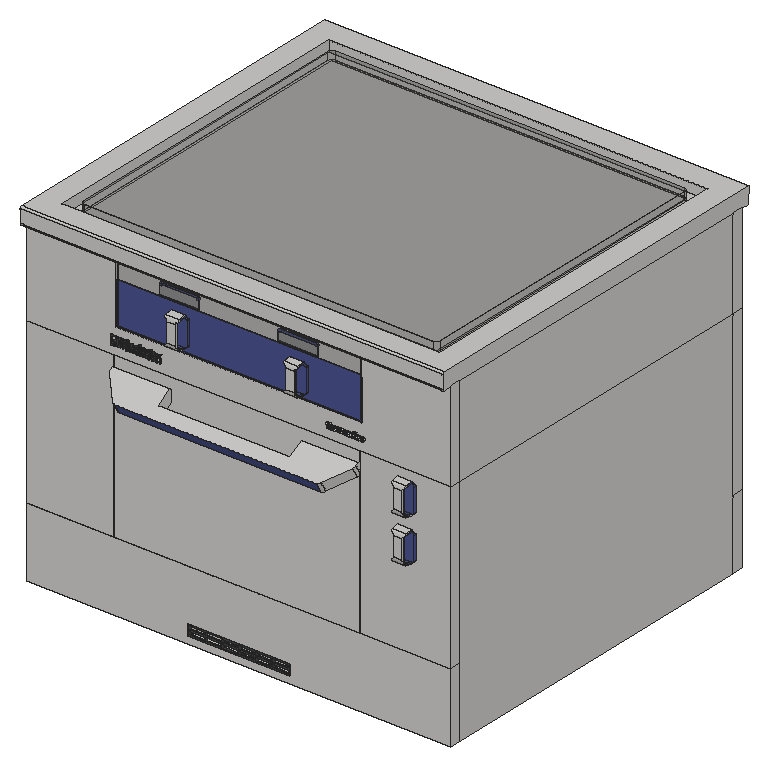
Revit family "QF_ELECTROLUXPROFESSIONAL_589670_MCINFCJ8AO", category Attrezzature speciali, Revit 2020 (continued)
Definition of nested family "Front_Panel_W1000_2 Knobs"
  Definition of nested family "ELX_Professional_Logo_Small"
    Forms (mm)
      Extrusion 2, solid, material <- "Material_Logo"
        sketch origin (15.5, 0, 0) x (1, 0, 0) y (0, 1, 0)
          loop
            spline (-27.019, -3.829) -> (-26.627, -3.82) -> (-26.239, -3.79) -> (-25.856, -3.739) -> (-25.477, -3.663) -> (-25.103, -3.562) -> (-24.734, -3.432) -> (-24.369, -3.273) -> (-24.01, -3.082) -> (-23.655, -2.858) -> (-23.305, -2.597) -> (-22.96, -2.299) -> (-22.621, -1.962)
            line (-22.621, -1.962) -> (-24.114, -0.509)
            spline (-24.114, -0.509) -> (-24.311, -0.699) -> (-24.509, -0.872) -> (-24.71, -1.03) -> (-24.915, -1.172) -> (-25.126, -1.297) -> (-25.346, -1.407) -> (-25.576, -1.5) -> (-25.817, -1.576) -> (-26.072, -1.636) -> (-26.342, -1.678) -> (-26.629, -1.704) -> (-26.936, -1.713)
            spline (-26.936, -1.713) -> (-27.384, -1.691) -> (-27.805, -1.625) -> (-28.196, -1.518) -> (-28.556, -1.372) -> (-28.882, -1.187) -> (-29.174, -0.966) -> (-29.429, -0.71) -> (-29.645, -0.422) -> (-29.821, -0.102) -> (-29.955, 0.247) -> (-30.045, 0.623) -> (-30.089, 1.026)
            line (-30.089, 1.026) -> (-21.956, 1.026) -> (-21.915, 1.897)
          loop
            spline (-24.446, 2.769) -> (-24.47, 3.075) -> (-24.54, 3.37) -> (-24.654, 3.65) -> (-24.807, 3.913) -> (-24.996, 4.156) -> (-25.219, 4.376) -> (-25.472, 4.57) -> (-25.753, 4.736) -> (-26.057, 4.869) -> (-26.382, 4.968) -> (-26.724, 5.03) -> (-27.081, 5.051)
            spline (-27.081, 5.051) -> (-27.464, 5.03) -> (-27.832, 4.97) -> (-28.183, 4.872) -> (-28.513, 4.74) -> (-28.819, 4.577) -> (-29.099, 4.384) -> (-29.347, 4.165) -> (-29.563, 3.923) -> (-29.742, 3.659) -> (-29.881, 3.377) -> (-29.977, 3.079) -> (-30.027, 2.769)
            line (-30.027, 2.769) -> (-24.446, 2.769)
          loop
            spline (-18.167, 1.669) -> (-18.138, 2.13) -> (-18.055, 2.567) -> (-17.921, 2.978) -> (-17.739, 3.358) -> (-17.512, 3.705) -> (-17.243, 4.016) -> (-16.937, 4.287) -> (-16.596, 4.517) -> (-16.223, 4.7) -> (-15.823, 4.835) -> (-15.398, 4.919) -> (-14.951, 4.947)
            spline (-14.951, 4.947) -> (-14.677, 4.938) -> (-14.414, 4.913) -> (-14.162, 4.871) -> (-13.921, 4.812) -> (-13.69, 4.738) -> (-13.467, 4.649) -> (-13.254, 4.544) -> (-13.048, 4.424) -> (-12.85, 4.291) -> (-12.659, 4.143) -> (-12.474, 3.981) -> (-12.295, 3.806)
            line (-12.295, 3.806) -> (-10.76, 5.403)
            spline (-10.76, 5.403) -> (-11.065, 5.709) -> (-11.38, 5.984) -> (-11.703, 6.228) -> (-12.035, 6.443) -> (-12.375, 6.63) -> (-12.723, 6.788) -> (-13.078, 6.92) -> (-13.44, 7.026) -> (-13.809, 7.107) -> (-14.184, 7.164) -> (-14.564, 7.198) -> (-14.951, 7.209)
            spline (-14.951, 7.209) -> (-15.725, 7.161) -> (-16.467, 7.02) -> (-17.169, 6.792) -> (-17.826, 6.482) -> (-18.43, 6.096) -> (-18.976, 5.637) -> (-19.455, 5.112) -> (-19.862, 4.525) -> (-20.19, 3.882) -> (-20.433, 3.189) -> (-20.584, 2.449) -> (-20.635, 1.669)
            spline (-20.635, 1.669) -> (-20.584, 0.889) -> (-20.433, 0.149) -> (-20.19, -0.545) -> (-19.862, -1.187) -> (-19.455, -1.774) -> (-18.976, -2.299) -> (-18.43, -2.758) -> (-17.826, -3.145) -> (-17.169, -3.454) -> (-16.467, -3.682) -> (-15.725, -3.823) -> (-14.951, -3.871)
            spline (-14.951, -3.871) -> (-14.564, -3.86) -> (-14.184, -3.826) -> (-13.809, -3.77) -> (-13.44, -3.689) -> (-13.078, -3.583) -> (-12.723, -3.451) -> (-12.375, -3.292) -> (-12.035, -3.105) -> (-11.703, -2.89) -> (-11.38, -2.646) -> (-11.065, -2.371) -> (-10.76, -2.066)
            line (-10.76, -2.066) -> (-12.295, -0.468)
            spline (-12.295, -0.468) -> (-12.474, -0.643) -> (-12.659, -0.805) -> (-12.85, -0.953) -> (-13.048, -1.087) -> (-13.254, -1.206) -> (-13.467, -1.311) -> (-13.69, -1.4) -> (-13.921, -1.475) -> (-14.162, -1.533) -> (-14.414, -1.575) -> (-14.677, -1.6) -> (-14.951, -1.609)
            spline (-14.951, -1.609) -> (-15.398, -1.581) -> (-15.823, -1.497) -> (-16.223, -1.362) -> (-16.596, -1.179) -> (-16.937, -0.95) -> (-17.243, -0.678) -> (-17.512, -0.367) -> (-17.739, -0.02) -> (-17.921, 0.36) -> (-18.055, 0.771) -> (-18.138, 1.208) -> (-18.167, 1.669)
          loop
            spline (-4.441, -1.243) -> (-4.659, -1.247) -> (-4.894, -1.23) -> (-5.137, -1.19) -> (-5.384, -1.121) -> (-5.628, -1.021) -> (-5.864, -0.884) -> (-6.084, -0.708) -> (-6.283, -0.488) -> (-6.454, -0.219) -> (-6.592, 0.101) -> (-6.69, 0.478) -> (-6.742, 0.914)
            line (-6.742, 0.914) -> (-6.742, 4.587) -> (-4.487, 4.587) -> (-4.487, 6.838) -> (-6.738, 6.838) -> (-6.738, 10.824) -> (-9.217, 10.824) -> (-9.217, 0.773)
            spline (-9.217, 0.773) -> (-9.164, 0.19) -> (-9.068, -0.358) -> (-8.928, -0.87) -> (-8.742, -1.343) -> (-8.511, -1.777) -> (-8.232, -2.168) -> (-7.904, -2.515) -> (-7.527, -2.816) -> (-7.098, -3.069) -> (-6.618, -3.273) -> (-6.084, -3.426) -> (-5.496, -3.525)
            line (-5.496, -3.525) -> (-4.45, -3.573) -> (-4.441, -1.243)
          loop
            spline (3.898, 6.983) -> (3.469, 7.009) -> (3.056, 7.001) -> (2.661, 6.961) -> (2.283, 6.888) -> (1.925, 6.785) -> (1.588, 6.652) -> (1.272, 6.49) -> (0.979, 6.301) -> (0.71, 6.085) -> (0.465, 5.844) -> (0.247, 5.578) -> (0.056, 5.289)
            line (0.056, 5.289) -> (0.056, 6.838) -> (-2.402, 6.838) -> (-2.402, -3.572) -> (0.056, -3.572) -> (0.056, 1.901)
            spline (0.056, 1.901) -> (0.079, 2.316) -> (0.145, 2.703) -> (0.254, 3.06) -> (0.404, 3.386) -> (0.592, 3.679) -> (0.818, 3.938) -> (1.08, 4.162) -> (1.375, 4.348) -> (1.703, 4.495) -> (2.062, 4.602) -> (2.45, 4.668) -> (2.865, 4.69)
            line (2.865, 4.69) -> (3.898, 4.586) -> (3.898, 6.983)
          loop
            spline (15.638, 1.633) -> (15.586, 2.396) -> (15.435, 3.124) -> (15.192, 3.81) -> (14.863, 4.449) -> (14.455, 5.034) -> (13.975, 5.56) -> (13.43, 6.021) -> (12.826, 6.411) -> (12.17, 6.724) -> (11.469, 6.955) -> (10.729, 7.098) -> (9.958, 7.147)
            spline (9.958, 7.147) -> (9.182, 7.098) -> (8.44, 6.955) -> (7.737, 6.724) -> (7.081, 6.411) -> (6.477, 6.021) -> (5.933, 5.56) -> (5.454, 5.034) -> (5.048, 4.449) -> (4.721, 3.81) -> (4.479, 3.124) -> (4.329, 2.396) -> (4.277, 1.633)
            spline (4.277, 1.633) -> (4.329, 0.869) -> (4.479, 0.141) -> (4.721, -0.544) -> (5.048, -1.183) -> (5.454, -1.768) -> (5.933, -2.294) -> (6.477, -2.755) -> (7.081, -3.145) -> (7.737, -3.459) -> (8.44, -3.69) -> (9.182, -3.833) -> (9.958, -3.882)
            spline (9.958, -3.882) -> (10.729, -3.833) -> (11.469, -3.69) -> (12.17, -3.459) -> (12.826, -3.145) -> (13.43, -2.755) -> (13.975, -2.294) -> (14.455, -1.768) -> (14.863, -1.183) -> (15.192, -0.544) -> (15.435, 0.141) -> (15.586, 0.869) -> (15.638, 1.633)
          loop
            spline (13.18, 1.633) -> (13.151, 2.083) -> (13.067, 2.513) -> (12.932, 2.918) -> (12.748, 3.296) -> (12.52, 3.642) -> (12.251, 3.954) -> (11.943, 4.227) -> (11.601, 4.459) -> (11.228, 4.645) -> (10.828, 4.782) -> (10.403, 4.867) -> (9.958, 4.896)
            spline (9.958, 4.896) -> (9.509, 4.867) -> (9.081, 4.782) -> (8.679, 4.645) -> (8.306, 4.459) -> (7.964, 4.227) -> (7.658, 3.954) -> (7.39, 3.642) -> (7.163, 3.296) -> (6.981, 2.918) -> (6.847, 2.513) -> (6.765, 2.083) -> (6.736, 1.633)
            spline (6.736, 1.633) -> (6.765, 1.182) -> (6.847, 0.753) -> (6.981, 0.347) -> (7.163, -0.031) -> (7.39, -0.377) -> (7.658, -0.689) -> (7.964, -0.962) -> (8.306, -1.193) -> (8.679, -1.38) -> (9.081, -1.517) -> (9.509, -1.602) -> (9.958, -1.631)
            spline (9.958, -1.631) -> (10.403, -1.602) -> (10.828, -1.517) -> (11.228, -1.38) -> (11.601, -1.193) -> (11.943, -0.962) -> (12.251, -0.689) -> (12.52, -0.377) -> (12.748, -0.031) -> (12.932, 0.347) -> (13.067, 0.753) -> (13.151, 1.182) -> (13.18, 1.633)
          loop
            line (17.162, 4.269) -> (17.162, -3.573) -> (19.642, -3.573) -> (19.642, 10.824) -> (17.162, 10.824) -> (17.162, 4.269)
          loop
            line (28.581, 6.838) -> (28.581, 0.786)
            spline (28.581, 0.786) -> (28.561, 0.393) -> (28.503, 0.038) -> (28.409, -0.279) -> (28.281, -0.559) -> (28.122, -0.802) -> (27.933, -1.011) -> (27.717, -1.185) -> (27.476, -1.325) -> (27.213, -1.433) -> (26.929, -1.509) -> (26.626, -1.554) -> (26.308, -1.569)
            spline (26.308, -1.569) -> (25.99, -1.554) -> (25.688, -1.509) -> (25.404, -1.434) -> (25.141, -1.326) -> (24.9, -1.187) -> (24.684, -1.014) -> (24.496, -0.807) -> (24.336, -0.565) -> (24.209, -0.288) -> (24.115, 0.026) -> (24.057, 0.376) -> (24.037, 0.765)
            line (24.037, 0.765) -> (24.037, 6.838) -> (21.537, 6.838) -> (21.537, 0.558)
            spline (21.537, 0.558) -> (21.581, -0.153) -> (21.71, -0.8) -> (21.916, -1.384) -> (22.195, -1.904) -> (22.54, -2.362) -> (22.944, -2.757) -> (23.403, -3.09) -> (23.909, -3.362) -> (24.456, -3.572) -> (25.04, -3.722) -> (25.652, -3.811) -> (26.288, -3.841)
            spline (26.288, -3.841) -> (26.929, -3.811) -> (27.547, -3.72) -> (28.135, -3.568) -> (28.687, -3.355) -> (29.197, -3.079) -> (29.66, -2.741) -> (30.068, -2.341) -> (30.415, -1.877) -> (30.696, -1.349) -> (30.905, -0.757) -> (31.034, -0.101) -> (31.079, 0.621)
            line (31.079, 0.621) -> (31.079, 6.838) -> (28.581, 6.838)
          loop
            line (40.457, -0.243) -> (38.894, 1.942) -> (40.83, 4.579) -> (42.488, 6.837) -> (39.782, 6.837) -> (37.53, 3.719) -> (35.258, 6.837) -> (32.573, 6.837) -> (34.113, 4.731) -> (36.167, 1.922) -> (34.014, -1.076) -> (32.222, -3.573) -> (34.887, -3.573) -> (37.53, 0.104) -> (40.174, -3.573) -> (42.839, -3.573) -> (40.457, -0.243)
          loop
            line (-46.121, -5.837) -> (-48.039, -5.837) -> (-48.039, -10.814) -> (-47.016, -10.814) -> (-47.016, -9.128) -> (-46.121, -9.128)
            arc (-46.121, -9.128) -> (-44.476, -7.482) -> (-46.121, -5.837) r 1.645
          loop
            line (-46.163, -6.778) -> (-47.016, -6.778) -> (-47.016, -8.187) -> (-46.163, -8.187)
            arc (-46.163, -8.187) -> (-45.458, -7.482) -> (-46.163, -6.778) r 0.704
          loop
            line (-38.313, -5.837) -> (-40.265, -5.837) -> (-40.265, -10.814) -> (-39.241, -10.814) -> (-39.241, -9.1) -> (-38.46, -9.182) -> (-37.48, -10.814) -> (-36.318, -10.814) -> (-37.513, -8.848)
            arc (-37.513, -8.848) -> (-36.888, -8.266) -> (-36.671, -7.441) r 1.536
            arc (-36.671, -7.441) -> (-37.165, -6.305) -> (-38.313, -5.837) r 1.643
          loop
            arc (-38.402, -8.166) -> (-37.707, -7.505) -> (-38.334, -6.778) r 0.696
            line (-38.334, -6.778) -> (-39.241, -6.778) -> (-39.241, -8.166) -> (-38.402, -8.166)
          loop
            circle (-29.965, -8.325) r 2.585
          loop
            circle (-29.965, -8.325) r 1.64
          loop
            line (-23.1, -5.837) -> (-23.1, -10.814) -> (-22.076, -10.814) -> (-22.076, -8.768) -> (-20.204, -8.768) -> (-20.204, -7.828) -> (-22.076, -7.828) -> (-22.076, -6.778) -> (-20.024, -6.778) -> (-20.024, -5.837) -> (-23.1, -5.837)
          loop
            line (-15.802, -5.837) -> (-15.802, -9.2)
            arc (-15.802, -9.2) -> (-15.343, -10.34) -> (-14.209, -10.814) r 1.593
            line (-14.209, -10.814) -> (-12.602, -10.814) -> (-12.602, -10.027) -> (-14.004, -10.027)
            arc (-14.004, -10.027) -> (-14.552, -9.8) -> (-14.779, -9.252) r 0.775
            line (-14.779, -9.252) -> (-14.779, -8.424) -> (-12.789, -8.424) -> (-12.789, -7.642) -> (-14.779, -7.642) -> (-14.779, -6.778) -> (-12.651, -6.778) -> (-12.651, -5.837) -> (-15.802, -5.837)
          loop
            line (-5.909, -7.143) -> (-5.173, -6.638)
            arc (-5.173, -6.638) -> (-5.855, -5.974) -> (-6.781, -5.755) r 1.782
            arc (-6.781, -5.755) -> (-7.397, -5.878) -> (-7.944, -6.189) r 1.974
            arc (-7.944, -6.189) -> (-8.202, -6.5) -> (-8.317, -6.888) r 1.013
            arc (-8.317, -6.888) -> (-8.306, -7.341) -> (-8.192, -7.78) r 1.985
            arc (-8.192, -7.78) -> (-7.749, -8.259) -> (-7.171, -8.563) r 1.928
            arc (-7.171, -8.563) -> (-6.637, -8.779) -> (-6.131, -9.056) r 5.041
            arc (-6.131, -9.056) -> (-5.934, -9.387) -> (-6.09, -9.74) r 0.42
            arc (-6.09, -9.74) -> (-6.631, -9.96) -> (-7.204, -9.845) r 1.016
            arc (-7.204, -9.845) -> (-7.625, -9.603) -> (-7.889, -9.196) r 1.033
            line (-7.889, -9.196) -> (-8.67, -9.686)
            arc (-8.67, -9.686) -> (-8.361, -10.198) -> (-7.908, -10.589) r 1.914
            arc (-7.908, -10.589) -> (-7.334, -10.834) -> (-6.714, -10.896) r 2.063
            arc (-6.714, -10.896) -> (-5.947, -10.743) -> (-5.256, -10.376) r 2.696
            arc (-5.256, -10.376) -> (-4.95, -9.565) -> (-5.108, -8.712) r 1.618
            arc (-5.108, -8.712) -> (-5.448, -8.319) -> (-5.884, -8.035) r 1.876
            arc (-5.884, -8.035) -> (-6.434, -7.789) -> (-6.999, -7.577) r 9.883
            arc (-6.999, -7.577) -> (-7.325, -7.07) -> (-6.854, -6.694) r 0.45
            arc (-6.854, -6.694) -> (-6.329, -6.809) -> (-5.909, -7.143) r 1.197
          loop
            line (1.61, -7.143) -> (2.345, -6.638)
            arc (2.345, -6.638) -> (1.663, -5.974) -> (0.737, -5.755) r 1.782
            arc (0.737, -5.755) -> (0.121, -5.878) -> (-0.425, -6.189) r 1.974
            arc (-0.425, -6.189) -> (-0.683, -6.5) -> (-0.799, -6.888) r 1.013
            arc (-0.799, -6.888) -> (-0.788, -7.341) -> (-0.674, -7.78) r 1.985
            arc (-0.674, -7.78) -> (-0.231, -8.259) -> (0.347, -8.563) r 1.928
            arc (0.347, -8.563) -> (0.881, -8.779) -> (1.387, -9.056) r 5.041
            arc (1.387, -9.056) -> (1.584, -9.387) -> (1.428, -9.74) r 0.42
            arc (1.428, -9.74) -> (0.887, -9.96) -> (0.314, -9.845) r 1.016
            arc (0.314, -9.845) -> (-0.107, -9.603) -> (-0.371, -9.196) r 1.033
            line (-0.371, -9.196) -> (-1.152, -9.686)
            arc (-1.152, -9.686) -> (-0.842, -10.198) -> (-0.39, -10.589) r 1.914
            arc (-0.39, -10.589) -> (0.184, -10.834) -> (0.804, -10.896) r 2.063
            arc (0.804, -10.896) -> (1.572, -10.743) -> (2.263, -10.376) r 2.696
            arc (2.263, -10.376) -> (2.568, -9.565) -> (2.411, -8.712) r 1.618
            arc (2.411, -8.712) -> (2.07, -8.319) -> (1.635, -8.035) r 1.876
            arc (1.635, -8.035) -> (1.084, -7.789) -> (0.519, -7.577) r 9.883
            arc (0.519, -7.577) -> (0.193, -7.07) -> (0.665, -6.694) r 0.45
            arc (0.665, -6.694) -> (1.189, -6.809) -> (1.61, -7.143) r 1.197
          loop
            line (6.801, -5.837) -> (6.801, -10.814) -> (7.825, -10.814) -> (7.825, -5.837) -> (6.801, -5.837)
          loop
            circle (14.724, -8.325) r 1.548
          loop
            circle (14.724, -8.325) r 2.585
          loop
            line (21.59, -10.814) -> (22.623, -10.814) -> (22.623, -7.685) -> (24.9, -10.814) -> (25.895, -10.814) -> (25.895, -5.837) -> (24.861, -5.837) -> (24.861, -9.061) -> (22.585, -5.837) -> (21.59, -5.837) -> (21.59, -10.814)
          loop
            line (31.054, -10.814) -> (31.539, -9.74) -> (33.38, -9.74) -> (33.865, -10.814) -> (34.965, -10.814) -> (32.46, -5.837) -> (29.956, -10.814) -> (31.054, -10.814)
          loop
            line (32.46, -7.698) -> (31.999, -8.719) -> (32.921, -8.719) -> (32.46, -7.698)
          loop
            line (40.047, -9.873) -> (40.047, -5.837) -> (39.024, -5.837) -> (39.024, -10.814) -> (41.961, -10.814) -> (41.961, -9.873) -> (40.047, -9.873)
          loop
            line (-74.986, -10.814) -> (-53.322, -10.814) -> (-53.322, 10.82) -> (-74.986, 10.82) -> (-74.986, -10.814)
          loop
            line (-61.261, 9.758) -> (-61.261, -9.707)
            arc (-61.261, -9.707) -> (-54.066, 0.025) -> (-61.261, 9.758) r 10.18
          loop
            line (-62.251, 8.349) -> (-62.251, 9.758)
            arc (-62.251, 9.758) -> (-70.347, 7.918) -> (-74.247, 0.59) r 9.976
            line (-74.247, 0.59) -> (-71.026, 0.59)
            arc (-71.026, 0.59) -> (-65.274, 2.925) -> (-62.251, 8.349) r 9.351
          loop
            arc (-74.247, -0.539) -> (-70.353, -7.928) -> (-62.251, -9.957) r 10.237
            line (-62.251, -9.957) -> (-62.251, -8.298)
            arc (-62.251, -8.298) -> (-65.274, -2.874) -> (-71.026, -0.539) r 9.351
            line (-71.026, -0.539) -> (-74.247, -0.539)
        from 0 to 1.644
    Dimensions and locks
      aligned and locked: plane 2 to Extrusion 1
      aligned and locked: level to Extrusion 1
Definition of nested family "Front_Panel_W1000_Two Knobs_Back"
  Parameters
    Default Elevation = 0 mm
  Reference planes
    plane 1 "Center (Front/Back)": y = 0
    plane 2: z = 0
    plane 3 "Center (Left/Right)": x = 297.624
    plane 4 "Left": x = -202.376
    plane 5 "Right": x = 797.624
    plane 6: y = -45
    plane 7: x = 157.624
    plane 8: y = -25
    plane 9: x = -2.376
    plane 10: x = 437.624
    plane 11: x = 594.715
  Forms (mm)
    Extrusion 1, solid
      sketch origin (833.217, 829.203, -1.25) x (0, 1, 0) y (0, 0, 1)
        loop
          line (-854.203, 651.25) -> (-829.203, 651.25) -> (-829.203, 864.25) -> (-854.203, 864.25) -> (-854.203, 651.25)
      from -1035.593 to -35.593
    Extrusion 2, void
      sketch origin (0, 0, 0) x (1, 0, 0) y (0, 0, 1)
        loop
          line (7.624, 853.866) -> (7.624, 711.866) -> (587.624, 711.866) -> (587.624, 853.866) -> (7.624, 853.866)
      from 19.387 to 33.951
  Cuts and joins
    Extrusion 2 cuts Extrusion 1
  Dimensions and locks
    equal spacing: plane 5 "Right", plane 3 "Center (Left/Right)", plane 4 "Left"
    plane 5 "Right" to plane 4 "Left" = 1000 mm
    plane 3 "Center (Left/Right)" to plane 7 = 140 mm
    plane 10 to plane 3 "Center (Left/Right)" = 140 mm
    aligned and locked: cut or joined group of Extrusion 1, Extrusion 2 to plane 4 "Left"
    aligned and locked: plane 5 "Right" to cut or joined group of Extrusion 1, Extrusion 2
    aligned and locked: plane 3 "Center (Left/Right)" to nested 2
    aligned and locked: cut or joined group of Extrusion 1, Extrusion 2 to nested 2
  Automatic sketch dimensions
    Extrusion 1 sketch curve to plane 1 "Center (Front/Back)" = 0 mm
    level to Extrusion 1 sketch curve = 650 mm
    plane 4 "Left" to Extrusion 2 sketch curve = 210 mm
    Extrusion 2 sketch curve to plane 5 "Right" = 210 mm
    level to Extrusion 2 sketch curve = 711.866 mm
    Extrusion 2 sketch curve to Extrusion 2 sketch curve = 142 mm
    Extrusion 1 sketch curve to plane 6 = 20 mm
    Extrusion 1 sketch curve to Extrusion 1 sketch curve = 213 mm
  Nested families
    nested 1: "Range Control Handle" at (157.624, -28.137, -209.113) x (-1, 0, 0) z (0, 0, 1), type "Range Control Handle"
    nested 2: "Front glass control panel W1000_2 Knobs" at (297.624, 280.644, 2.752), type "Front glass control panel W1000_2 Knobs"
    nested 3: "Range Control Handle" at (437.624, -28.137, -209.113), type "Range Control Handle"
    nested 4: "ELX_ThermaLine_Small" at (546.122, -25, 679.426) x (1, 0, 0) z (0, -1, 0), type "ELX_ThermaLine_Small"
      with Show Logo yes, Material_Logo none
    nested 5: "ELX_Professional_Logo_Small" at (57.11, -25, 681.659) x (1, 0, 0) z (0, -1, 0), type "ELX_Professional_Logo_Small"
      with Show Logo yes, Material_Logo none
  Definition of nested family "Range Control Handle"
    Parameters
      Default Elevation = 0 mm
    Reference planes
      plane 1 "Center (Front/Back)": y = 0
      plane 2: z = 0
      plane 3 "Center (Left/Right)": x = 0
      plane 4: z = 971.092
      plane 5: y = -16.9
    Forms (mm)
      Extrusion 1, solid
        sketch origin (-746.28, 380.497, 208.931) x (-1, 0, 0) y (0, 0, 1)
          loop
            line (-770.101, 786.798) -> (-770.101, 731.649)
            arc (-770.101, 731.649) -> (-769.759, 730.563) -> (-768.855, 729.87) r 1.893
            line (-768.855, 729.87) -> (-763.474, 727.911) -> (-729.81, 727.911) -> (-724.428, 729.87)
            arc (-724.428, 729.87) -> (-723.525, 730.563) -> (-723.183, 731.649) r 1.893
            line (-723.183, 731.649) -> (-723.183, 786.798)
            arc (-723.183, 786.798) -> (-723.529, 787.894) -> (-724.44, 788.593) r 1.91
            line (-724.44, 788.593) -> (-729.683, 790.819) -> (-763.601, 790.819) -> (-768.844, 788.593)
            arc (-768.844, 788.593) -> (-769.755, 787.894) -> (-770.101, 786.798) r 1.91
        from -382.35 to -378.852
      Sweep 2, solid
        path origin (-746.788, 380.496, 208.091) x (0, -1, 0) y (0, 0, 1)
          loop
            line (379.775, 793.281) -> (395.661, 791.048)
            arc (395.661, 791.048) -> (397.781, 787.377) -> (398.517, 783.202) r 12.207
            line (398.517, 783.202) -> (398.517, 737.368)
            arc (398.517, 737.368) -> (397.781, 733.193) -> (395.661, 729.522) r 12.207
            line (395.661, 729.522) -> (379.775, 727.289)
        profile origin (-746.788, -7.222, 1000.256) x (0, -0.139173, 0.990268) y (-1, 0, 0)
          loop
            line (0.782, -763.123) -> (0.782, -730.907) -> (-1.322, -730.907) -> (-1.322, -763.123) -> (0.782, -763.123)
      Sweep 3, solid
        path origin (-746.788, 380.715, 207.832) x (0, -1, 0) y (0, 0, 1)
          loop
            line (380.478, 795.442) -> (397.218, 793.09)
            arc (397.218, 793.09) -> (399.929, 788.473) -> (400.871, 783.202) r 15.207
            line (400.871, 783.202) -> (400.871, 737.584)
            arc (400.871, 737.584) -> (399.914, 732.274) -> (397.164, 727.633) r 15.207
            line (397.164, 727.633) -> (380.601, 725.305)
        profile origin (-746.788, -8.132, 1002.099) x (0, -0.139173, 0.990268) y (-1, 0, 0)
          loop
            line (0.782, -763.123) -> (0.782, -730.907) -> (-1.322, -730.907) -> (-1.322, -763.123) -> (0.782, -763.123)
      Extrusion 4, void
        sketch origin (889.253, 220.666, 207.993) x (1, 0, 0) y (0, 0, 1)
          loop
            line (-943.038, 816.854) -> (-943.038, 703.686) -> (-899.466, 734.196) -> (-899.466, 786.344) -> (-943.038, 816.854)
        from 230.636 to 242.25
      Extrusion 5, void
        sketch origin (-888.8, 220.666, 207.993) x (-1, 0, 0) y (0, 0, -1)
          loop
            line (-943.038, -816.854) -> (-899.466, -786.344) -> (-899.466, -734.196) -> (-943.038, -703.686) -> (-943.038, -816.854)
        from 230.636 to 242.25
      Extrusion 6, solid
        sketch origin (0, 0, 0) x (1, 0, 0) y (0, 0, 1)
          loop
            circle (0, 971.092) r 7.736
        from -3.137 to -1.645
    Cuts and joins
      Extrusion 4, Extrusion 5 cuts Sweep 3
      Extrusion 4, Extrusion 5 cuts Sweep 2
      joined: Extrusion 1, Extrusion 6
    Lines and regions (mm)
      symbolic lines
        curve 1: line (16.334, -16.9, 0) -> (16.334, -19.227, 0)
        curve 2: spline (16.334, -19.227, 0) -> (15.87, -19.385, 0) -> (15.404, -19.536, 0) -> (14.936, -19.678, 0) -> (14.466, -19.813, 0) -> (13.995, -19.94, 0) -> (13.523, -20.059, 0) -> (13.049, -20.171, 0) -> (12.575, -20.274, 0) -> (12.099, -20.37, 0) -> (11.622, -20.458, 0) -> (11.144, -20.537, 0) -> (10.666, -20.609, 0)
        curve 3: line (10.666, -16.9, 0) -> (10.666, -20.938, 0)
        curve 4: line (-10.213, -20.938, 0) -> (10.666, -20.938, 0)
        curve 5: line (-10.213, -20.938, 0) -> (-10.213, -16.9, 0)
        curve 6: spline (-10.213, -20.609, 0) -> (-10.691, -20.537, 0) -> (-11.169, -20.458, 0) -> (-11.646, -20.37, 0) -> (-12.122, -20.274, 0) -> (-12.597, -20.171, 0) -> (-13.07, -20.059, 0) -> (-13.542, -19.94, 0) -> (-14.013, -19.813, 0) -> (-14.483, -19.678, 0) -> (-14.951, -19.536, 0) -> (-15.417, -19.385, 0) -> (-15.881, -19.227, 0)
        curve 7: line (-15.881, -19.227, 0) -> (-15.881, -16.9, 0)
  Definition of nested family "Front glass control panel W1000_2 Knobs"
    Parameters
      Default Elevation = 0 mm
    Reference planes
      plane 1 "Center (Front/Back)": y = 0
      plane 2: z = 0
      plane 3 "Center (Left/Right)": x = 0
      plane 4: x = -140
      plane 5: x = 140
    Forms (mm)
      Extrusion 1, solid
        sketch origin (378.286, 0, 0.617) x (1, 0, 0) y (0, 0, 1)
          loop
            line (-668.286, 806.791) -> (-668.286, 708.497) -> (-88.286, 708.497) -> (-88.286, 806.791) -> (-668.286, 806.791)
        from 300.031 to 304.8
      Extrusion 2, solid
        sketch origin (378.286, 0, 0.617) x (1, 0, 0) y (0, 0, 1)
          loop
            line (-668.286, 850.497) -> (-668.286, 806.791) -> (-88.286, 806.791) -> (-88.286, 850.497) -> (-668.286, 850.497)
        from 300.031 to 304.8
      Extrusion 3, void
        sketch origin (378.286, 0, 0.617) x (1, 0, 0) y (0, 0, 1)
          loop
            line (-665.628, 847.565) -> (-665.628, 710.699) -> (-91.196, 710.699) -> (-91.196, 847.565) -> (-665.628, 847.565)
        from 303.697 to 304.8
      Extrusion 4, solid
        sketch origin (-448.309, 1.101, -0.633) x (-1, 0, 0) y (0, 0, -1)
          loop
            line (-261.431, -812.62) -> (-355.186, -812.62) -> (-355.186, -834.177) -> (-350.269, -834.177) -> (-348.469, -835.977) -> (-268.039, -835.977) -> (-266.24, -834.177) -> (-261.431, -834.177) -> (-261.431, -812.62)
        from 304.798 to 306.745
      Extrusion 5, solid
        sketch origin (-448.309, 1.101, -0.633) x (-1, 0, 0) y (0, 0, -1)
          loop
            line (-350.269, -834.177) -> (-355.078, -834.177)
            arc (-355.078, -834.177) -> (-353.942, -838.747) -> (-349.686, -840.763) r 5.5
            line (-349.686, -840.763) -> (-266.98, -840.763)
            arc (-266.98, -840.763) -> (-262.706, -838.752) -> (-261.529, -834.177) r 5.549
            line (-261.529, -834.177) -> (-266.24, -834.177) -> (-268.039, -835.977) -> (-348.469, -835.977) -> (-350.269, -834.177)
        from 304.798 to 306.745
      Extrusion 6, solid
        sketch origin (448.333, 1.101, -0.633) x (1, 0, 0) y (0, 0, 1)
          loop
            line (-261.431, 812.62) -> (-261.431, 834.177) -> (-266.24, 834.177) -> (-268.039, 835.977) -> (-348.469, 835.977) -> (-350.269, 834.177) -> (-355.186, 834.177) -> (-355.186, 812.62) -> (-261.431, 812.62)
        from 304.798 to 306.745
      Extrusion 7, solid
        sketch origin (448.333, 1.101, -0.633) x (1, 0, 0) y (0, 0, 1)
          loop
            line (-350.269, 834.177) -> (-348.469, 835.977) -> (-268.039, 835.977) -> (-266.24, 834.177) -> (-261.529, 834.177)
            arc (-261.529, 834.177) -> (-262.706, 838.752) -> (-266.98, 840.763) r 5.549
            line (-266.98, 840.763) -> (-349.686, 840.763)
            arc (-349.686, 840.763) -> (-353.942, 838.747) -> (-355.078, 834.177) r 5.5
            line (-355.078, 834.177) -> (-350.269, 834.177)
        from 304.798 to 306.745
    Cuts and joins
      Extrusion 3 cuts Extrusion 1
      Extrusion 3 cuts Extrusion 2
    Dimensions and locks
      plane 3 "Center (Left/Right)" to plane 4 = 140 mm
      plane 5 to plane 3 "Center (Left/Right)" = 140 mm
      aligned and locked: Extrusion 1 to Extrusion 2
      aligned and locked: Extrusion 5 sketch curve to Extrusion 4  (x5)
      aligned and locked: Extrusion 5 to Extrusion 4
      aligned and locked: Extrusion 7 sketch curve to Extrusion 6  (x4)
      aligned and locked: Extrusion 6 to Extrusion 7 sketch curve
      aligned and locked: Extrusion 7 to Extrusion 6
  Definition of nested family "ELX_ThermaLine_Small"
    Parameters
      Show Logo [instance] = yes
      Material_Logo [instance] = none
      Default Elevation = 0 mm
    Reference planes
      plane 1 "Centro (Fronte/Retro)": y = 0
      plane 2: z = 0
      plane 3 "Centro (Sinistra/Destra)": x = 0
    Forms (mm)
      Extrusion 1, solid
        sketch origin (0, 0, 0) x (1, 0, 0) y (0, 1, 0)
          loop
            line (-1219.2, 1219.2) -> (-1219.2, -1219.2) -> (1219.2, -1219.2) -> (1219.2, 1219.2) -> (-1219.2, 1219.2)
        from 0 to -304.8
      Extrusion 2, solid
        sketch origin (0, 0, 0) x (1, 0, 0) y (0, 1, 0)
          loop
            line (-37.494, 1.229) -> (-35.908, 1.229) -> (-35.908, 3.066) -> (-37.494, 3.066) -> (-37.494, 6.221) -> (-39.867, 4.881) -> (-39.867, 3.066) -> (-40.969, 3.066) -> (-40.969, 1.229) -> (-39.867, 1.229) -> (-39.867, -3.407)
            arc (-39.867, -3.407) -> (-38.982, -5.513) -> (-36.751, -6.001) r 2.478
            line (-36.751, -6.001) -> (-35.638, -5.7) -> (-35.9, -3.835) -> (-36.661, -4.039)
            arc (-36.661, -4.039) -> (-37.236, -3.924) -> (-37.494, -3.399) r 0.662
            line (-37.494, -3.399) -> (-37.494, 1.229)
          loop
            line (-34.242, 6.539) -> (-34.242, -5.848) -> (-31.854, -5.848) -> (-31.854, -0.078)
            arc (-31.854, -0.078) -> (-30.939, 1.249) -> (-29.33, 1.367) r 1.866
            arc (-29.33, 1.367) -> (-28.695, 0.768) -> (-28.461, -0.073) r 1.627
            line (-28.461, -0.073) -> (-28.461, -5.848) -> (-26.086, -5.848) -> (-26.064, -0.46)
            arc (-26.064, -0.46) -> (-26.261, 0.932) -> (-26.786, 2.237) r 5.825
            arc (-26.786, 2.237) -> (-29.381, 3.264) -> (-31.854, 1.971) r 3.353
            line (-31.854, 1.971) -> (-31.854, 6.539) -> (-34.242, 6.539)
          loop
            arc (-18.398, -0.598) -> (-18.893, 0.879) -> (-20.326, 1.487) r 1.897
            arc (-20.326, 1.487) -> (-21.461, 0.708) -> (-21.897, -0.598) r 2.164
            line (-21.897, -0.598) -> (-18.398, -0.598)
          loop
            arc (-16.021, -2.044) -> (-16.754, 1.227) -> (-19.444, 3.226) r 4.814
            arc (-19.444, 3.226) -> (-22.137, 2.788) -> (-23.943, 0.743) r 4.054
            arc (-23.943, 0.743) -> (-24.382, -1.249) -> (-24.162, -3.276) r 6.289
            arc (-24.162, -3.276) -> (-23.302, -4.71) -> (-21.958, -5.705) r 4.28
            arc (-21.958, -5.705) -> (-18.558, -5.814) -> (-16.152, -3.409) r 4.28
            line (-16.152, -3.409) -> (-18.5, -2.995)
            arc (-18.5, -2.995) -> (-19.273, -3.994) -> (-20.533, -4.076) r 1.536
            arc (-20.533, -4.076) -> (-21.56, -3.281) -> (-21.958, -2.044) r 2.197
            line (-21.958, -2.044) -> (-16.021, -2.044)
          loop
            line (-14.165, -5.848) -> (-11.819, -5.848) -> (-11.819, -2.138)
            arc (-11.819, -2.138) -> (-11.787, -1.156) -> (-11.637, -0.185) r 8.18
            arc (-11.637, -0.185) -> (-10.644, 0.972) -> (-9.132, 0.776) r 1.603
            line (-9.132, 0.776) -> (-8.419, 2.846)
            arc (-8.419, 2.846) -> (-10.432, 3.118) -> (-11.994, 1.821) r 2.527
            line (-11.994, 1.821) -> (-11.994, 3.094) -> (-14.165, 3.094) -> (-14.165, -5.848)
          loop
            line (-7.579, 3.094) -> (-7.579, -5.848) -> (-5.178, -5.848) -> (-5.178, -0.756)
            arc (-5.178, -0.756) -> (-4.727, 0.679) -> (-3.417, 1.419) r 2.05
            arc (-3.417, 1.419) -> (-2.499, 0.908) -> (-2.155, -0.085) r 1.471
            line (-2.155, -0.085) -> (-2.155, -5.848) -> (0.23, -5.848) -> (0.23, -1.001)
            arc (0.23, -1.001) -> (0.47, 0.127) -> (1.148, 1.061) r 2.775
            arc (1.148, 1.061) -> (2.225, 1.329) -> (3.05, 0.587) r 1.182
            arc (3.05, 0.587) -> (3.199, -0.019) -> (3.214, -0.642) r 2.894
            line (3.214, -0.642) -> (3.214, -5.848) -> (5.601, -5.848) -> (5.601, 0.261)
            arc (5.601, 0.261) -> (4.87, 2.263) -> (2.976, 3.241) r 2.932
            arc (2.976, 3.241) -> (1.284, 2.973) -> (-0.047, 1.896) r 3.309
            arc (-0.047, 1.896) -> (-1.116, 2.865) -> (-2.506, 3.258) r 3.16
            arc (-2.506, 3.258) -> (-4.105, 2.942) -> (-5.376, 1.92) r 3.419
            line (-5.376, 1.92) -> (-5.376, 3.094) -> (-7.579, 3.094)
          loop
            line (7.583, 0.738) -> (9.702, 0.364)
            arc (9.702, 0.364) -> (11.441, 1.492) -> (12.855, -0.023) r 1.613
            line (12.855, -0.023) -> (9.782, -0.789)
            arc (9.782, -0.789) -> (8.559, -1.346) -> (7.617, -2.305) r 3.687
            arc (7.617, -2.305) -> (7.499, -3.681) -> (7.901, -5.003) r 3.651
            arc (7.901, -5.003) -> (9.107, -5.766) -> (10.515, -6.006) r 3.635
            arc (10.515, -6.006) -> (11.898, -5.697) -> (13.067, -4.895) r 3.734
            line (13.067, -4.895) -> (13.376, -5.848) -> (15.75, -5.848) -> (15.212, -4.193) -> (15.212, 0.38)
            arc (15.212, 0.38) -> (14.897, 1.849) -> (13.818, 2.895) r 2.585
            arc (13.818, 2.895) -> (11.792, 3.442) -> (9.719, 3.11) r 5.005
            arc (9.719, 3.11) -> (8.369, 2.178) -> (7.583, 0.738) r 3.54
          loop
            line (19.723, -5.848) -> (22.233, -5.848) -> (24.854, 6.484) -> (22.345, 6.484) -> (19.723, -5.848)
          loop
            line (24.583, -5.848) -> (26.953, -5.848) -> (28.848, 3.066) -> (26.478, 3.066) -> (24.583, -5.848)
          loop
            line (27.204, 6.484) -> (26.741, 4.305) -> (29.111, 4.305) -> (29.575, 6.484) -> (27.204, 6.484)
          loop
            line (29.355, -5.848) -> (31.849, -5.848) -> (33.098, 0.028)
            arc (33.098, 0.028) -> (34.169, 1.306) -> (35.832, 1.422) r 2.132
            arc (35.832, 1.422) -> (36.324, 0.752) -> (36.383, -0.078) r 1.5
            line (36.383, -0.078) -> (35.157, -5.848) -> (37.536, -5.848) -> (38.936, 0.738)
            arc (38.936, 0.738) -> (38.775, 2.091) -> (37.825, 3.066) r 2.118
            arc (37.825, 3.066) -> (35.392, 3.175) -> (33.295, 1.937) r 4.271
            line (33.295, 1.937) -> (33.535, 3.066) -> (31.25, 3.066) -> (29.355, -5.848)
          loop
            line (42.792, -0.64) -> (46.589, -0.64)
            arc (46.589, -0.64) -> (46.639, 0.124) -> (46.327, 0.823) r 1.589
            arc (46.327, 0.823) -> (45.117, 1.521) -> (43.762, 1.183) r 1.865
            arc (43.762, 1.183) -> (43.141, 0.344) -> (42.792, -0.64) r 3.538
          loop
            line (42.565, -2.138) -> (48.593, -2.138)
            arc (48.593, -2.138) -> (48.58, 0.597) -> (46.983, 2.818) r 4.494
            arc (46.983, 2.818) -> (44.191, 3.28) -> (41.725, 1.891) r 4.26
            arc (41.725, 1.891) -> (40.503, -0.3) -> (40.284, -2.799) r 6.003
            arc (40.284, -2.799) -> (40.959, -4.468) -> (42.377, -5.576) r 3.482
            arc (42.377, -5.576) -> (44.265, -5.961) -> (46.152, -5.576) r 4.823
            arc (46.152, -5.576) -> (47.432, -4.731) -> (48.328, -3.485) r 4.245
            line (48.328, -3.485) -> (46.168, -3.105)
            arc (46.168, -3.105) -> (45.214, -4.072) -> (43.859, -4.181) r 1.953
            arc (43.859, -4.181) -> (42.821, -3.408) -> (42.565, -2.138) r 1.81
          loop
            line (12.868, -1.553) -> (10.216, -2.214)
            arc (10.216, -2.214) -> (9.747, -3.136) -> (10.216, -4.058) r 1.14
            arc (10.216, -4.058) -> (11.537, -4.249) -> (12.614, -3.46) r 1.763
            arc (12.614, -3.46) -> (12.858, -2.522) -> (12.868, -1.553) r 3.97
        from 0 to 1.6
    Dimensions and locks
      aligned and locked: plane 2 to Extrusion 1
      aligned and locked: level to Extrusion 1
  Definition of nested family "ELX_Professional_Logo_Small"
    Parameters
      Show Logo [instance] = yes
      Material_Logo [instance] = none
      Default Elevation = 0 mm
    Reference planes
      plane 1 "Centro (Fronte/Retro)": y = 0
      plane 2: z = 0
      plane 3 "Centro (Sinistra/Destra)": x = 0
    Forms (mm)
      Extrusion 1, solid
        sketch origin (0, 0, 0) x (1, 0, 0) y (0, 1, 0)
          loop
            line (-1219.2, 1219.2) -> (-1219.2, -1219.2) -> (1219.2, -1219.2) -> (1219.2, 1219.2) -> (-1219.2, 1219.2)
        from 0 to -304.8
      Extrusion 2, solid, material <- "Material_Logo"
        sketch origin (15.5, 0, 0) x (1, 0, 0) y (0, 1, 0)
          loop
            spline (-42.99, -1.24) -> (-43.195, -1.231) -> (-43.415, -1.203) -> (-43.642, -1.152) -> (-43.87, -1.074) -> (-44.095, -0.966) -> (-44.309, -0.825) -> (-44.506, -0.647) -> (-44.681, -0.429) -> (-44.828, -0.167) -> (-44.94, 0.142) -> (-45.011, 0.501) -> (-45.037, 0.915)
            line (-45.037, 0.915) -> (-45.037, 2.748) -> (-38.984, 2.748) -> (-38.984, 5.086) -> (-45.038, 5.086) -> (-45.038, 8.489) -> (-38.599, 8.489) -> (-38.599, 10.82) -> (-47.515, 10.82) -> (-47.515, 1.021)
            spline (-47.515, 1.021) -> (-47.493, 0.418) -> (-47.425, -0.15) -> (-47.311, -0.682) -> (-47.15, -1.175) -> (-46.939, -1.628) -> (-46.678, -2.038) -> (-46.365, -2.404) -> (-46, -2.723) -> (-45.58, -2.995) -> (-45.105, -3.216) -> (-44.573, -3.385) -> (-43.983, -3.499)
            line (-43.983, -3.499) -> (-43.01, -3.569) -> (-38.426, -3.569) -> (-38.426, -1.24) -> (-42.99, -1.24)
          loop
            line (-36.666, 4.021) -> (-36.666, -3.573) -> (-34.188, -3.573) -> (-34.188, 10.824) -> (-36.666, 10.824) -> (-36.666, 4.021)
          loop
            spline (-21.915, 1.897) -> (-21.957, 2.615) -> (-22.082, 3.303) -> (-22.285, 3.955) -> (-22.563, 4.564) -> (-22.913, 5.124) -> (-23.331, 5.629) -> (-23.814, 6.074) -> (-24.359, 6.451) -> (-24.961, 6.755) -> (-25.618, 6.98) -> (-26.326, 7.119) -> (-27.081, 7.167)
            spline (-27.081, 7.167) -> (-27.853, 7.122) -> (-28.586, 6.99) -> (-29.275, 6.774) -> (-29.915, 6.478) -> (-30.5, 6.104) -> (-31.024, 5.657) -> (-31.483, 5.138) -> (-31.871, 4.553) -> (-32.182, 3.904) -> (-32.411, 3.194) -> (-32.552, 2.427) -> (-32.6, 1.606)
            spline (-32.6, 1.606) -> (-32.553, 0.805) -> (-32.416, 0.057) -> (-32.193, -0.637) -> (-31.887, -1.271) -> (-31.504, -1.843) -> (-31.048, -2.35) -> (-30.523, -2.788) -> (-29.934, -3.154) -> (-29.284, -3.444) -> (-28.579, -3.656) -> (-27.822, -3.785) -> (-27.019, -3.829)
            spline (-27.019, -3.829) -> (-26.627, -3.82) -> (-26.239, -3.79) -> (-25.856, -3.739) -> (-25.477, -3.663) -> (-25.103, -3.562) -> (-24.734, -3.432) -> (-24.369, -3.273) -> (-24.01, -3.082) -> (-23.655, -2.858) -> (-23.305, -2.597) -> (-22.96, -2.299) -> (-22.621, -1.962)
            line (-22.621, -1.962) -> (-24.114, -0.509)
            spline (-24.114, -0.509) -> (-24.311, -0.699) -> (-24.509, -0.872) -> (-24.71, -1.03) -> (-24.915, -1.172) -> (-25.126, -1.297) -> (-25.346, -1.407) -> (-25.576, -1.5) -> (-25.817, -1.576) -> (-26.072, -1.636) -> (-26.342, -1.678) -> (-26.629, -1.704) -> (-26.936, -1.713)
            spline (-26.936, -1.713) -> (-27.384, -1.691) -> (-27.805, -1.625) -> (-28.196, -1.518) -> (-28.556, -1.372) -> (-28.882, -1.187) -> (-29.174, -0.966) -> (-29.429, -0.71) -> (-29.645, -0.422) -> (-29.821, -0.102) -> (-29.955, 0.247) -> (-30.045, 0.623) -> (-30.089, 1.026)
            line (-30.089, 1.026) -> (-21.956, 1.026) -> (-21.915, 1.897)
          loop
            spline (-24.446, 2.769) -> (-24.47, 3.075) -> (-24.54, 3.37) -> (-24.654, 3.65) -> (-24.807, 3.913) -> (-24.996, 4.156) -> (-25.219, 4.376) -> (-25.472, 4.57) -> (-25.753, 4.736) -> (-26.057, 4.869) -> (-26.382, 4.968) -> (-26.724, 5.03) -> (-27.081, 5.051)
            spline (-27.081, 5.051) -> (-27.464, 5.03) -> (-27.832, 4.97) -> (-28.183, 4.872) -> (-28.513, 4.74) -> (-28.819, 4.577) -> (-29.099, 4.384) -> (-29.347, 4.165) -> (-29.563, 3.923) -> (-29.742, 3.659) -> (-29.881, 3.377) -> (-29.977, 3.079) -> (-30.027, 2.769)
            line (-30.027, 2.769) -> (-24.446, 2.769)
          loop
            spline (-18.167, 1.669) -> (-18.138, 2.13) -> (-18.055, 2.567) -> (-17.921, 2.978) -> (-17.739, 3.358) -> (-17.512, 3.705) -> (-17.243, 4.016) -> (-16.937, 4.287) -> (-16.596, 4.517) -> (-16.223, 4.7) -> (-15.823, 4.835) -> (-15.398, 4.919) -> (-14.951, 4.947)
            spline (-14.951, 4.947) -> (-14.677, 4.938) -> (-14.414, 4.913) -> (-14.162, 4.871) -> (-13.921, 4.812) -> (-13.69, 4.738) -> (-13.467, 4.649) -> (-13.254, 4.544) -> (-13.048, 4.424) -> (-12.85, 4.291) -> (-12.659, 4.143) -> (-12.474, 3.981) -> (-12.295, 3.806)
            line (-12.295, 3.806) -> (-10.76, 5.403)
            spline (-10.76, 5.403) -> (-11.065, 5.709) -> (-11.38, 5.984) -> (-11.703, 6.228) -> (-12.035, 6.443) -> (-12.375, 6.63) -> (-12.723, 6.788) -> (-13.078, 6.92) -> (-13.44, 7.026) -> (-13.809, 7.107) -> (-14.184, 7.164) -> (-14.564, 7.198) -> (-14.951, 7.209)
            spline (-14.951, 7.209) -> (-15.725, 7.161) -> (-16.467, 7.02) -> (-17.169, 6.792) -> (-17.826, 6.482) -> (-18.43, 6.096) -> (-18.976, 5.637) -> (-19.455, 5.112) -> (-19.862, 4.525) -> (-20.19, 3.882) -> (-20.433, 3.189) -> (-20.584, 2.449) -> (-20.635, 1.669)
            spline (-20.635, 1.669) -> (-20.584, 0.889) -> (-20.433, 0.149) -> (-20.19, -0.545) -> (-19.862, -1.187) -> (-19.455, -1.774) -> (-18.976, -2.299) -> (-18.43, -2.758) -> (-17.826, -3.145) -> (-17.169, -3.454) -> (-16.467, -3.682) -> (-15.725, -3.823) -> (-14.951, -3.871)
            spline (-14.951, -3.871) -> (-14.564, -3.86) -> (-14.184, -3.826) -> (-13.809, -3.77) -> (-13.44, -3.689) -> (-13.078, -3.583) -> (-12.723, -3.451) -> (-12.375, -3.292) -> (-12.035, -3.105) -> (-11.703, -2.89) -> (-11.38, -2.646) -> (-11.065, -2.371) -> (-10.76, -2.066)
            line (-10.76, -2.066) -> (-12.295, -0.468)
            spline (-12.295, -0.468) -> (-12.474, -0.643) -> (-12.659, -0.805) -> (-12.85, -0.953) -> (-13.048, -1.087) -> (-13.254, -1.206) -> (-13.467, -1.311) -> (-13.69, -1.4) -> (-13.921, -1.475) -> (-14.162, -1.533) -> (-14.414, -1.575) -> (-14.677, -1.6) -> (-14.951, -1.609)
            spline (-14.951, -1.609) -> (-15.398, -1.581) -> (-15.823, -1.497) -> (-16.223, -1.362) -> (-16.596, -1.179) -> (-16.937, -0.95) -> (-17.243, -0.678) -> (-17.512, -0.367) -> (-17.739, -0.02) -> (-17.921, 0.36) -> (-18.055, 0.771) -> (-18.138, 1.208) -> (-18.167, 1.669)
          loop
            spline (-4.441, -1.243) -> (-4.659, -1.247) -> (-4.894, -1.23) -> (-5.137, -1.19) -> (-5.384, -1.121) -> (-5.628, -1.021) -> (-5.864, -0.884) -> (-6.084, -0.708) -> (-6.283, -0.488) -> (-6.454, -0.219) -> (-6.592, 0.101) -> (-6.69, 0.478) -> (-6.742, 0.914)
            line (-6.742, 0.914) -> (-6.742, 4.587) -> (-4.487, 4.587) -> (-4.487, 6.838) -> (-6.738, 6.838) -> (-6.738, 10.824) -> (-9.217, 10.824) -> (-9.217, 0.773)
            spline (-9.217, 0.773) -> (-9.164, 0.19) -> (-9.068, -0.358) -> (-8.928, -0.87) -> (-8.742, -1.343) -> (-8.511, -1.777) -> (-8.232, -2.168) -> (-7.904, -2.515) -> (-7.527, -2.816) -> (-7.098, -3.069) -> (-6.618, -3.273) -> (-6.084, -3.426) -> (-5.496, -3.525)
            line (-5.496, -3.525) -> (-4.45, -3.573) -> (-4.441, -1.243)
          loop
            spline (3.898, 6.983) -> (3.469, 7.009) -> (3.056, 7.001) -> (2.661, 6.961) -> (2.283, 6.888) -> (1.925, 6.785) -> (1.588, 6.652) -> (1.272, 6.49) -> (0.979, 6.301) -> (0.71, 6.085) -> (0.465, 5.844) -> (0.247, 5.578) -> (0.056, 5.289)
            line (0.056, 5.289) -> (0.056, 6.838) -> (-2.402, 6.838) -> (-2.402, -3.572) -> (0.056, -3.572) -> (0.056, 1.901)
            spline (0.056, 1.901) -> (0.079, 2.316) -> (0.145, 2.703) -> (0.254, 3.06) -> (0.404, 3.386) -> (0.592, 3.679) -> (0.818, 3.938) -> (1.08, 4.162) -> (1.375, 4.348) -> (1.703, 4.495) -> (2.062, 4.602) -> (2.45, 4.668) -> (2.865, 4.69)
            line (2.865, 4.69) -> (3.898, 4.586) -> (3.898, 6.983)
          loop
            spline (15.638, 1.633) -> (15.586, 2.396) -> (15.435, 3.124) -> (15.192, 3.81) -> (14.863, 4.449) -> (14.455, 5.034) -> (13.975, 5.56) -> (13.43, 6.021) -> (12.826, 6.411) -> (12.17, 6.724) -> (11.469, 6.955) -> (10.729, 7.098) -> (9.958, 7.147)
            spline (9.958, 7.147) -> (9.182, 7.098) -> (8.44, 6.955) -> (7.737, 6.724) -> (7.081, 6.411) -> (6.477, 6.021) -> (5.933, 5.56) -> (5.454, 5.034) -> (5.048, 4.449) -> (4.721, 3.81) -> (4.479, 3.124) -> (4.329, 2.396) -> (4.277, 1.633)
            spline (4.277, 1.633) -> (4.329, 0.869) -> (4.479, 0.141) -> (4.721, -0.544) -> (5.048, -1.183) -> (5.454, -1.768) -> (5.933, -2.294) -> (6.477, -2.755) -> (7.081, -3.145) -> (7.737, -3.459) -> (8.44, -3.69) -> (9.182, -3.833) -> (9.958, -3.882)
            spline (9.958, -3.882) -> (10.729, -3.833) -> (11.469, -3.69) -> (12.17, -3.459) -> (12.826, -3.145) -> (13.43, -2.755) -> (13.975, -2.294) -> (14.455, -1.768) -> (14.863, -1.183) -> (15.192, -0.544) -> (15.435, 0.141) -> (15.586, 0.869) -> (15.638, 1.633)
          loop
            spline (13.18, 1.633) -> (13.151, 2.083) -> (13.067, 2.513) -> (12.932, 2.918) -> (12.748, 3.296) -> (12.52, 3.642) -> (12.251, 3.954) -> (11.943, 4.227) -> (11.601, 4.459) -> (11.228, 4.645) -> (10.828, 4.782) -> (10.403, 4.867) -> (9.958, 4.896)
            spline (9.958, 4.896) -> (9.509, 4.867) -> (9.081, 4.782) -> (8.679, 4.645) -> (8.306, 4.459) -> (7.964, 4.227) -> (7.658, 3.954) -> (7.39, 3.642) -> (7.163, 3.296) -> (6.981, 2.918) -> (6.847, 2.513) -> (6.765, 2.083) -> (6.736, 1.633)
            spline (6.736, 1.633) -> (6.765, 1.182) -> (6.847, 0.753) -> (6.981, 0.347) -> (7.163, -0.031) -> (7.39, -0.377) -> (7.658, -0.689) -> (7.964, -0.962) -> (8.306, -1.193) -> (8.679, -1.38) -> (9.081, -1.517) -> (9.509, -1.602) -> (9.958, -1.631)
            spline (9.958, -1.631) -> (10.403, -1.602) -> (10.828, -1.517) -> (11.228, -1.38) -> (11.601, -1.193) -> (11.943, -0.962) -> (12.251, -0.689) -> (12.52, -0.377) -> (12.748, -0.031) -> (12.932, 0.347) -> (13.067, 0.753) -> (13.151, 1.182) -> (13.18, 1.633)
          loop
            line (17.162, 4.269) -> (17.162, -3.573) -> (19.642, -3.573) -> (19.642, 10.824) -> (17.162, 10.824) -> (17.162, 4.269)
          loop
            line (28.581, 6.838) -> (28.581, 0.786)
            spline (28.581, 0.786) -> (28.561, 0.393) -> (28.503, 0.038) -> (28.409, -0.279) -> (28.281, -0.559) -> (28.122, -0.802) -> (27.933, -1.011) -> (27.717, -1.185) -> (27.476, -1.325) -> (27.213, -1.433) -> (26.929, -1.509) -> (26.626, -1.554) -> (26.308, -1.569)
            spline (26.308, -1.569) -> (25.99, -1.554) -> (25.688, -1.509) -> (25.404, -1.434) -> (25.141, -1.326) -> (24.9, -1.187) -> (24.684, -1.014) -> (24.496, -0.807) -> (24.336, -0.565) -> (24.209, -0.288) -> (24.115, 0.026) -> (24.057, 0.376) -> (24.037, 0.765)
            line (24.037, 0.765) -> (24.037, 6.838) -> (21.537, 6.838) -> (21.537, 0.558)
            spline (21.537, 0.558) -> (21.581, -0.153) -> (21.71, -0.8) -> (21.916, -1.384) -> (22.195, -1.904) -> (22.54, -2.362) -> (22.944, -2.757) -> (23.403, -3.09) -> (23.909, -3.362) -> (24.456, -3.572) -> (25.04, -3.722) -> (25.652, -3.811) -> (26.288, -3.841)
            spline (26.288, -3.841) -> (26.929, -3.811) -> (27.547, -3.72) -> (28.135, -3.568) -> (28.687, -3.355) -> (29.197, -3.079) -> (29.66, -2.741) -> (30.068, -2.341) -> (30.415, -1.877) -> (30.696, -1.349) -> (30.905, -0.757) -> (31.034, -0.101) -> (31.079, 0.621)
            line (31.079, 0.621) -> (31.079, 6.838) -> (28.581, 6.838)
          loop
            line (40.457, -0.243) -> (38.894, 1.942) -> (40.83, 4.579) -> (42.488, 6.837) -> (39.782, 6.837) -> (37.53, 3.719) -> (35.258, 6.837) -> (32.573, 6.837) -> (34.113, 4.731) -> (36.167, 1.922) -> (34.014, -1.076) -> (32.222, -3.573) -> (34.887, -3.573) -> (37.53, 0.104) -> (40.174, -3.573) -> (42.839, -3.573) -> (40.457, -0.243)
          loop
            line (-46.121, -5.837) -> (-48.039, -5.837) -> (-48.039, -10.814) -> (-47.016, -10.814) -> (-47.016, -9.128) -> (-46.121, -9.128)
            arc (-46.121, -9.128) -> (-44.476, -7.482) -> (-46.121, -5.837) r 1.645
          loop
            line (-46.163, -6.778) -> (-47.016, -6.778) -> (-47.016, -8.187) -> (-46.163, -8.187)
            arc (-46.163, -8.187) -> (-45.458, -7.482) -> (-46.163, -6.778) r 0.704
          loop
            line (-38.313, -5.837) -> (-40.265, -5.837) -> (-40.265, -10.814) -> (-39.241, -10.814) -> (-39.241, -9.1) -> (-38.46, -9.182) -> (-37.48, -10.814) -> (-36.318, -10.814) -> (-37.513, -8.848)
            arc (-37.513, -8.848) -> (-36.888, -8.266) -> (-36.671, -7.441) r 1.536
            arc (-36.671, -7.441) -> (-37.165, -6.305) -> (-38.313, -5.837) r 1.643
          loop
            arc (-38.402, -8.166) -> (-37.707, -7.505) -> (-38.334, -6.778) r 0.696
            line (-38.334, -6.778) -> (-39.241, -6.778) -> (-39.241, -8.166) -> (-38.402, -8.166)
          loop
            circle (-29.965, -8.325) r 2.585
          loop
            circle (-29.965, -8.325) r 1.64
          loop
            line (-23.1, -5.837) -> (-23.1, -10.814) -> (-22.076, -10.814) -> (-22.076, -8.768) -> (-20.204, -8.768) -> (-20.204, -7.828) -> (-22.076, -7.828) -> (-22.076, -6.778) -> (-20.024, -6.778) -> (-20.024, -5.837) -> (-23.1, -5.837)
          loop
            line (-15.802, -5.837) -> (-15.802, -9.2)
            arc (-15.802, -9.2) -> (-15.343, -10.34) -> (-14.209, -10.814) r 1.593
            line (-14.209, -10.814) -> (-12.602, -10.814) -> (-12.602, -10.027) -> (-14.004, -10.027)
            arc (-14.004, -10.027) -> (-14.552, -9.8) -> (-14.779, -9.252) r 0.775
            line (-14.779, -9.252) -> (-14.779, -8.424) -> (-12.789, -8.424) -> (-12.789, -7.642) -> (-14.779, -7.642) -> (-14.779, -6.778) -> (-12.651, -6.778) -> (-12.651, -5.837) -> (-15.802, -5.837)
          loop
            line (-5.909, -7.143) -> (-5.173, -6.638)
            arc (-5.173, -6.638) -> (-5.855, -5.974) -> (-6.781, -5.755) r 1.782
            arc (-6.781, -5.755) -> (-7.397, -5.878) -> (-7.944, -6.189) r 1.974
            arc (-7.944, -6.189) -> (-8.202, -6.5) -> (-8.317, -6.888) r 1.013
            arc (-8.317, -6.888) -> (-8.306, -7.341) -> (-8.192, -7.78) r 1.985
            arc (-8.192, -7.78) -> (-7.749, -8.259) -> (-7.171, -8.563) r 1.928
            arc (-7.171, -8.563) -> (-6.637, -8.779) -> (-6.131, -9.056) r 5.041
            arc (-6.131, -9.056) -> (-5.934, -9.387) -> (-6.09, -9.74) r 0.42
            arc (-6.09, -9.74) -> (-6.631, -9.96) -> (-7.204, -9.845) r 1.016
            arc (-7.204, -9.845) -> (-7.625, -9.603) -> (-7.889, -9.196) r 1.033
            line (-7.889, -9.196) -> (-8.67, -9.686)
            arc (-8.67, -9.686) -> (-8.361, -10.198) -> (-7.908, -10.589) r 1.914
            arc (-7.908, -10.589) -> (-7.334, -10.834) -> (-6.714, -10.896) r 2.063
            arc (-6.714, -10.896) -> (-5.947, -10.743) -> (-5.256, -10.376) r 2.696
            arc (-5.256, -10.376) -> (-4.95, -9.565) -> (-5.108, -8.712) r 1.618
            arc (-5.108, -8.712) -> (-5.448, -8.319) -> (-5.884, -8.035) r 1.876
            arc (-5.884, -8.035) -> (-6.434, -7.789) -> (-6.999, -7.577) r 9.883
            arc (-6.999, -7.577) -> (-7.325, -7.07) -> (-6.854, -6.694) r 0.45
            arc (-6.854, -6.694) -> (-6.329, -6.809) -> (-5.909, -7.143) r 1.197
          loop
            line (1.61, -7.143) -> (2.345, -6.638)
            arc (2.345, -6.638) -> (1.663, -5.974) -> (0.737, -5.755) r 1.782
            arc (0.737, -5.755) -> (0.121, -5.878) -> (-0.425, -6.189) r 1.974
            arc (-0.425, -6.189) -> (-0.683, -6.5) -> (-0.799, -6.888) r 1.013
            arc (-0.799, -6.888) -> (-0.788, -7.341) -> (-0.674, -7.78) r 1.985
            arc (-0.674, -7.78) -> (-0.231, -8.259) -> (0.347, -8.563) r 1.928
            arc (0.347, -8.563) -> (0.881, -8.779) -> (1.387, -9.056) r 5.041
            arc (1.387, -9.056) -> (1.584, -9.387) -> (1.428, -9.74) r 0.42
            arc (1.428, -9.74) -> (0.887, -9.96) -> (0.314, -9.845) r 1.016
            arc (0.314, -9.845) -> (-0.107, -9.603) -> (-0.371, -9.196) r 1.033
            line (-0.371, -9.196) -> (-1.152, -9.686)
            arc (-1.152, -9.686) -> (-0.842, -10.198) -> (-0.39, -10.589) r 1.914
            arc (-0.39, -10.589) -> (0.184, -10.834) -> (0.804, -10.896) r 2.063
            arc (0.804, -10.896) -> (1.572, -10.743) -> (2.263, -10.376) r 2.696
            arc (2.263, -10.376) -> (2.568, -9.565) -> (2.411, -8.712) r 1.618
            arc (2.411, -8.712) -> (2.07, -8.319) -> (1.635, -8.035) r 1.876
            arc (1.635, -8.035) -> (1.084, -7.789) -> (0.519, -7.577) r 9.883
            arc (0.519, -7.577) -> (0.193, -7.07) -> (0.665, -6.694) r 0.45
            arc (0.665, -6.694) -> (1.189, -6.809) -> (1.61, -7.143) r 1.197
          loop
            line (6.801, -5.837) -> (6.801, -10.814) -> (7.825, -10.814) -> (7.825, -5.837) -> (6.801, -5.837)
          loop
            circle (14.724, -8.325) r 1.548
          loop
            circle (14.724, -8.325) r 2.585
          loop
            line (21.59, -10.814) -> (22.623, -10.814) -> (22.623, -7.685) -> (24.9, -10.814) -> (25.895, -10.814) -> (25.895, -5.837) -> (24.861, -5.837) -> (24.861, -9.061) -> (22.585, -5.837) -> (21.59, -5.837) -> (21.59, -10.814)
          loop
            line (31.054, -10.814) -> (31.539, -9.74) -> (33.38, -9.74) -> (33.865, -10.814) -> (34.965, -10.814) -> (32.46, -5.837) -> (29.956, -10.814) -> (31.054, -10.814)
          loop
            line (32.46, -7.698) -> (31.999, -8.719) -> (32.921, -8.719) -> (32.46, -7.698)
          loop
            line (40.047, -9.873) -> (40.047, -5.837) -> (39.024, -5.837) -> (39.024, -10.814) -> (41.961, -10.814) -> (41.961, -9.873) -> (40.047, -9.873)
          loop
            line (-74.986, -10.814) -> (-53.322, -10.814) -> (-53.322, 10.82) -> (-74.986, 10.82) -> (-74.986, -10.814)
          loop
            line (-61.261, 9.758) -> (-61.261, -9.707)
            arc (-61.261, -9.707) -> (-54.066, 0.025) -> (-61.261, 9.758) r 10.18
          loop
            line (-62.251, 8.349) -> (-62.251, 9.758)
            arc (-62.251, 9.758) -> (-70.347, 7.918) -> (-74.247, 0.59) r 9.976
            line (-74.247, 0.59) -> (-71.026, 0.59)
            arc (-71.026, 0.59) -> (-65.274, 2.925) -> (-62.251, 8.349) r 9.351
          loop
            arc (-74.247, -0.539) -> (-70.353, -7.928) -> (-62.251, -9.957) r 10.237
            line (-62.251, -9.957) -> (-62.251, -8.298)
            arc (-62.251, -8.298) -> (-65.274, -2.874) -> (-71.026, -0.539) r 9.351
            line (-71.026, -0.539) -> (-74.247, -0.539)
        from 0 to 1.644
    Dimensions and locks
      aligned and locked: plane 2 to Extrusion 1
      aligned and locked: level to Extrusion 1
